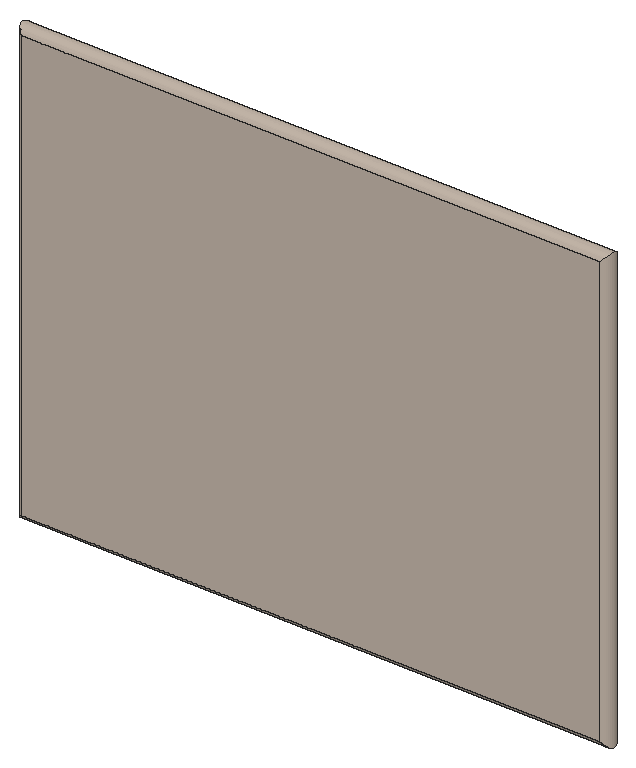
Revit family "FU_Modular_Sandler_Pau 1840PT", category Furniture, Revit 2020
Family settings
  OmniClass Number = 23.40.20.00
  OmniClass Title = General Furniture and Specialties
  Work Plane-Based = No
  Always vertical = Yes
  Cut with Voids When Loaded = No
  Shared = No
  Room Calculation Point = No
Parameters (values of type "PAU1840PT")
  Width = 1600 mm
  URL = "https://www.sandlerseating.com/product/pau1840pt/"
  Thickness = 50 mm  # constant formula
  Panel Height = 1200 mm
  Panel Fabric [instance] = Fabric - Gravity - Wheat CPC21
  Model = "PAU1840PT"
  Manufacturer = "Sandler"
  Overall Elevation = 1300 mm
  Description = "Upholstered rear privacy screen for sofas and modules with backrest."
  Default Elevation = 0 mm
Reference planes
  plane 1 "Center (Front/Back)": y = 0
  plane 2: z = 0
  plane 3 "Center (Left/Right)": x = 0
  plane 4 "Right": x = -800
  plane 5 "Left": x = 800
  plane 6 "Front": y = -25
  plane 7 "Back": y = 25
  plane 8 "Top": z = 1300
  plane 9 "Panel Base": z = 100
Forms (mm)
  Extrusion 1, solid, material "Fabric - Gravity - Wheat CPC21" <- "Panel Fabric"
    sketch origin (0, 0, 400) x (-1, 0, 0) y (0, 0, 1)
      loop
        line (-800, 900) -> (-800, -300) -> (800, -300) -> (800, 900) -> (-800, 900)
    from -25 to 25
  Sweep 2, void
    path in 3D
      loop
        line (-800, -25, 100) -> (800, -25, 100) -> (800, -25, 1300) -> (-800, -25, 1300) -> (-800, -25, 100)
    profile "Pro_Panel EdgeCut_10x50 : Pro_Panel EdgeCut_10x50" origin (-800, -25, 700) x (0, -1, 0) y (-1, 0, 0)
      loop
        line (20, -18.425) -> (20, 6.575) -> (-70, 6.575) -> (-70, -18.425)
        arc (-70, -18.425) -> (-60, -28.425) -> (-50, -18.425) r 10
        arc (-50, -18.425) -> (-25, 0) -> (0, -18.425) r 26.173
        arc (0, -18.425) -> (10, -28.425) -> (20, -18.425) r 10
Cuts and joins
  Sweep 2 cuts Extrusion 1
Lines and regions (mm)
  sketch lines
    curve 1: line (-800, -25, 1300) -> (-800, -25, 100)
    curve 2: line (800, -25, 1300) -> (-800, -25, 1300)
    curve 3: line (800, -25, 100) -> (800, -25, 1300)
    curve 4: line (-800, -25, 100) -> (800, -25, 100)
Dimensions and locks
  "Width": plane 4 "Right" to plane 5 "Left"
  equal spacing: plane 4 "Right", plane 3 "Center (Left/Right)", plane 5 "Left"
  equal spacing: plane 7 "Back", plane 1 "Center (Front/Back)", plane 6 "Front"
  "Thickness": plane 7 "Back" to plane 6 "Front"
  "Overall Elevation": plane 8 "Top" to level
  "Panel Height": plane 8 "Top" to plane 9 "Panel Base"
  aligned and locked: level to plane 2
  aligned and locked: plane 8 "Top" to Extrusion 1 sketch curve
  aligned and locked: Extrusion 1 sketch curve to plane 4 "Right"
  aligned and locked: plane 5 "Left" to Extrusion 1 sketch curve
  aligned and locked: Extrusion 1 sketch curve to plane 9 "Panel Base"
